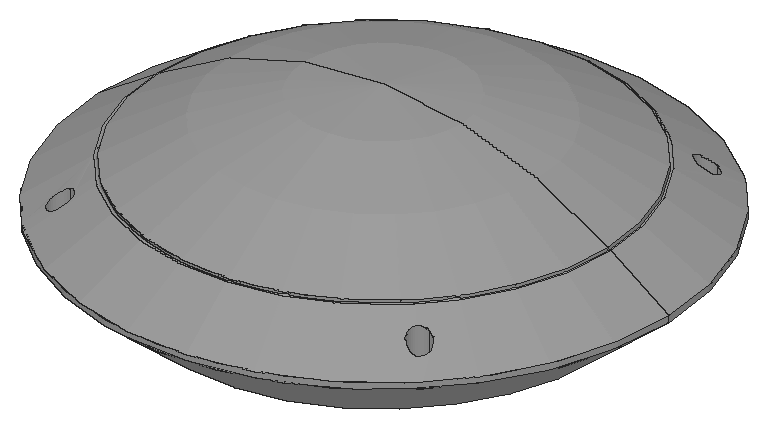
Revit family "0049291", category Lighting Fixtures, host Face, Revit 2017
Family settings
  Host = Face
  Round Connector Dimension = Use Diameter
  Part Type = Normal
  OmniClass Number = 23.80.70.00
  OmniClass Title = Lighting
  Cut with Voids When Loaded = No
  Light Source = Yes
  Shared = No
  Room Calculation Point = No
Parameters (values of type "0049291 START Surface IP66 1100lm 840 SD WHT")
  Weight = "4.68 kg"
  Wattage Comments = ""
  Wattage = 12 W
  WarrantyStartDate [instance] = "n/a"
  WarrantyGuarantorParts = "n/a"
  WarrantyDurationUnit = "n/a"
  WarrantyDurationParts = "n/a"
  WarrantyDescription = "n/a"
  built-in parameter 1150110 = 1 (stored number, unit not read)
  Voltage = 0 V
  URL = "http://www.sylvania-lighting.com"
  TypeName = "START Surface IP66 1100lm 840 IK10 SensorDim WHT"
  Type Image = <None>
  Type Comments = "n/a"
  built-in parameter 1114217 = 1 (stored number, unit not read)
  Tilt Angle = -90.00°
  built-in parameter 1150109 = 1 (stored number, unit not read)
  built-in parameter 1150134 = 12
  built-in parameter 1150113 = 1 (stored number, unit not read)
  SerialNumber [instance] = "n/a"
  Photometric Web File = "0049291.ies"
  Material_3_SYL = LED-Sylvania-StartSurfaceIP66
  PowerFactor = 0
  PowerConsumption = "12 W"
  NominalLength = 300 mm
  NominalHeight = 90 mm
  NominalDepth = 300 mm
  Name = "START Surface IP66 1100lm 840 IK10 SensorDim WHT"
  ModelReference = Name  # "START Surface IP66 1100lm 840 IK10 SensorDim WHT"
  ModelNumber = "0049291"
  Model = Name  # "START Surface IP66 1100lm 840 IK10 SensorDim WHT"
  Material = "pc polycarbonate housing, pc polycarbonate diffuser"
  ManufacturerName = "Feilo Sylvania"
  Manufacturer = "Feilo Sylvania"
  LuminousEfficacy = "92 lm/W"
  built-in parameter 1150105 = 87.854 (stored number, unit not read)
  Lumens = 1104 lm
  LuminaireType = ""
  built-in parameter 1150115 = 1 (stored number, unit not read)
  LightOutputRatio = "n/a"
  built-in parameter 1150137 = (empty or 0)
  built-in parameter 1150139 = (empty or 0)
  LampsType = Lamp  # "LED"
  LampNominalLuminous = "1100 lm"
  LampMacAdamStep = "n/a"
  LampColourTemperature = "4000 K"
  LampColourRenderingIndex = "80"
  built-in parameter 1150112 = 1 (stored number, unit not read)
  built-in parameter 1150114 = 1 (stored number, unit not read)
  Lamp = "LED"
  Keynote = "16500"
  InstallationDate [instance] = "n/a"
  InputVoltage = "220-240 V AC"
  InputNominalFrequency = "50/60 Hz"
  built-in parameter 1150132 = (empty or 0)
  built-in parameter 1150102 = (empty or 0)
  built-in parameter 1150107 = 4000 (stored number, unit not read)
  built-in parameter 1150138 = (empty or 0)
  IngressProtection = "IP66"
  ImpactProtectionIndex = "IK10"
  built-in parameter 1150106 = 0.87854 (stored number, unit not read)
  IfcExportType = "IfcLightFixtureType"
  IfcExportAs = "IfcLightFixtureType"
  HoleRad_SYL = 134 mm
  HoleHoleRad_SYL = 6 mm
  HoleAngle_SYL = 45.00°
  Eyelid_SYL [instance] = no
  ExpectedLife = 50000
  Emit from Circle Diameter = 200 mm
  Emit Shape Visible in Rendering = no
  ElectricShockClassification = "Class II"
  built-in parameter 1150104 = 8.5471 (stored number, unit not read)
  DurationUnit = "hours"
  DocumentationLiterature = "http://www.sylvania-lighting.com/product/en-int/products/0049291"
  DimmingControlOptions = "n/a"
  Material_2_SYL = Diffuser-Sylvania-StartSurfaceIP66
  Dimming Lamp Color Temperature Shift = <None>
  Description = "Sensor Dim LED exterior surface mounted luminaire, 1100lm, 12W power consumption, 92lm/W efficacy, 4000K color temperature, CRI80, IP66, IK10, 50,000 hours (L70), white housing, vandal resistant"
  Default Elevation = 1219.2 mm
  CreatedOn = "7/17/2019"
  CreatedBy = "@sylvania-lighting.com"
  Cost = 0
  Color Filter = 16777215
  built-in parameter 1114216 [instance] = (empty or 0)
  ClassificationValue = "EF_70_80"
  ClassificationName = "Uniclass2015"
  Material_1_SYL = Body-Sylvania-StartSurfaceIP66-White
  BarCode [instance] = "n/a"
  built-in parameter 1114218 = 1 (stored number, unit not read)
  built-in parameter 1150133 = 10 (stored number, unit not read)
  AssetType = "Fixed"
  AssetIdentifier [instance] = "n/a"
  Assembly Code = "D5020200"
  Apparent Load = 12 VA
Reference planes
  plane 1 "Center (Front/Back)": y = 0
  plane 2: z = 0
  plane 3 "Center (Left/Right)": x = 0
  plane 4: x = 150
  plane 5: x = -150
  plane 6: z = 90
  plane 7: z = 30
  plane 8: z = 54
  plane 9: x = -113
  plane 10: x = 113
  plane 11: x = -118
  plane 12: z = 33
  plane 13: z = 51
  plane 14: z = 87
  plane 15: z = 92
  plane 16: x = -148
  plane 17: y = -13
Forms (mm)
  Revolve 1, solid, material "Diffuser-Sylvania-StartSurfaceIP66" <- "Material_2_SYL"
    sketch origin (0, 0, 0) x (1, 0, 0) y (0, 0, 1)
      loop
        arc (0, 90) -> (-61.685, 80.8) -> (-118, 54) r 211.389
        line (-118, 54) -> (-118, 51) -> (-117.081, 51)
        arc (-117.081, 51) -> (-61.245, 77.797) -> (0, 87) r 208.389
        line (0, 87) -> (0, 90)
      axis (0, 90) -> (0, 51)
    angle from 360 to 0
  Revolve 2, solid, material "Body-Sylvania-StartSurfaceIP66-White" <- "Material_1_SYL"
    sketch origin (0, 0, 0) x (1, 0, 0) y (0, 0, 1)
      loop
        line (0, 0) -> (0, 33) -> (-118, 33) -> (-118, 52.116)
        arc (-118, 52.116) -> (-118.529, 53.009) -> (-119.566, 52.973) r 1.017
        line (-119.566, 52.973) -> (-150, 33) -> (-150, 30) -> (-113, 0) -> (0, 0)
      axis (0, 52.973) -> (0, 0)
    angle from 360 to 0
  Extrusion 3, void
    sketch origin (-1534.635, -4572, 33) x (0, -1, 0) y (-1, 0, 0)
      loop
        circle (-4666.752, -1439.882) r 6
      loop
        circle (-4666.752, -1629.387) r 6
      loop
        circle (-4477.248, -1439.882) r 6
      loop
        circle (-4477.248, -1629.387) r 6
    from -18 to 0
  Revolve 4, solid, material "Body-Sylvania-StartSurfaceIP66-White" <- "Material_1_SYL", visible <- "Eyelid_SYL"
    sketch origin (0, 0, 0) x (1, 0, 0) y (0, 0, 1)
      loop
        line (0, 90) -> (0, 92)
        arc (0, 92) -> (-79.423, 77.068) -> (-148, 34.313) r 218.694
        line (-148, 34.313) -> (-118, 54)
        arc (-118, 54) -> (-61.685, 80.8) -> (0, 90) r 211.389
      axis (0, 92) -> (0, 34.313)
    angle from 360 to 0
  Extrusion 5, void
    sketch origin (-1534.635, -4572, 33) x (0, -1, 0) y (-1, 0, 0)
      loop
        line (-4367.393, -1384.635) -> (-4559, -1384.635)
        arc (-4559, -1384.635) -> (-4572, -1534.635) -> (-4559, -1684.635) r 871.885
        line (-4559, -1684.635) -> (-4367.393, -1684.635) -> (-4367.393, -1384.635)
    from -82.978 to 19.568
Cuts and joins
  Extrusion 3 cuts Revolve 2
  Extrusion 3, Extrusion 5 cuts Revolve 4
Lines and regions (mm)
  reference lines
    curve 1: line (-150, 0, 33) -> (-118, 0, 54)
    curve 2: circle (0, 0, 0) r 134 normal (0, 0, 1)
    curve 3: line (0, 0, 0) -> (-94.752, 94.752, 0)
    curve 4: line (0, 0, 0) -> (94.752, 94.752, 0)
    curve 5: line (0, 0, 0) -> (-94.752, -94.752, 0)
    curve 6: line (0, 0, 0) -> (94.752, -94.752, 0)
Dimensions and locks
  locked: plane 6 to plane 2 at 90
  plane 8 to plane 7 to plane 2 = 24 mm locked, 30 mm locked
  equal spacing: plane 4, plane 3 "Center (Left/Right)", plane 5
  locked: plane 4 to plane 5 at 300
  equal spacing: plane 10, plane 3 "Center (Left/Right)", plane 9
  locked: plane 9 to plane 5 at 37
  locked: plane 9 to plane 11 at 5
  locked: plane 12 to plane 7 at 3
  locked: plane 8 to plane 13 at 3
  locked: plane 6 to plane 14 at 3
  locked: plane 15 to plane 6 at 2
  locked: plane 16 to plane 5 at 2
  locked: plane 17 to plane 1 "Center (Front/Back)" at 13
  "HoleRad_SYL": radius of curve 2
  "HoleHoleRad_SYL": radius of Extrusion 3 sketch curve  (x4)
  "HoleAngle_SYL": angle curve 3 to plane 1 "Center (Front/Back)"
  "HoleAngle_SYL": angle plane 1 "Center (Front/Back)" to curve 4
  "HoleAngle_SYL": angle plane 1 "Center (Front/Back)" to curve 5
  "HoleAngle_SYL": angle curve 6 to plane 1 "Center (Front/Back)"
  aligned and locked: plane 2 to host face
  aligned and locked: level to host face
  aligned and locked: plane 5 to curve 1
  aligned and locked: plane 11 to curve 1
  aligned and locked: Revolve 1 sketch curve to plane 3 "Center (Left/Right)"
  aligned and locked: curve 1 to Revolve 1 sketch curve
  aligned and locked: plane 6 to Revolve 1 sketch curve
  aligned and locked: plane 3 "Center (Left/Right)" to Revolve 1 sketch curve  (x2)
  aligned and locked: plane 11 to Revolve 1 sketch curve  (x2)
  aligned and locked: plane 13 to Revolve 1 sketch curve  (x2)
  aligned and locked: plane 14 to Revolve 1 sketch curve
  aligned and locked: Revolve 2 sketch curve to plane 3 "Center (Left/Right)"  (x2)
  aligned and locked: level to Revolve 2 sketch curve
  aligned and locked: plane 5 to Revolve 2 sketch curve
  aligned and locked: Revolve 2 sketch curve to curve 1
  aligned and locked: plane 3 "Center (Left/Right)" to curve 3
  aligned and locked: plane 13 to Extrusion 3
  aligned and locked: Extrusion 3 to plane 12
  aligned and locked: Revolve 2 sketch curve to plane 12
  aligned and locked: Revolve 4 sketch curve to plane 3 "Center (Left/Right)"  (x2)
  aligned and locked: Revolve 1 to Revolve 4 sketch curve
  aligned and locked: Revolve 4 sketch curve to curve 1
  aligned and locked: plane 11 to Revolve 4 sketch curve
  aligned and locked: plane 16 to Revolve 4 sketch curve
  aligned and locked: plane 15 to Revolve 4 sketch curve
  aligned and locked: plane 4 to Extrusion 5
  aligned and locked: Extrusion 5 to plane 5
  aligned and locked: plane 3 "Center (Left/Right)" to imposter light
  aligned and locked: imposter light to plane 1 "Center (Front/Back)"
  aligned and locked: plane 8 to imposter light
Automatic sketch dimensions
  host sketch curve to host sketch curve = 600 mm  (x2)
  curve 1 to plane 8 = 0 mm
  curve 1 to plane 12 = 0 mm
  Revolve 1 sketch curve to Revolve 1 sketch curve = 0 mm
  Revolve 1 sketch curve to Revolve 1 sketch curve = 488.211 mm
  Revolve 1 sketch curve to Revolve 1 sketch curve = 2519.058 mm
  plane 1 "Center (Front/Back)" to curve 2 = 0 mm
  curve 2 to plane 3 "Center (Left/Right)" = 0 mm
  plane 1 "Center (Front/Back)" to curve 4 = 0 mm
  Extrusion 3 sketch curve to plane 10 = 18.248 mm  (x2)
  Extrusion 3 sketch curve to plane 1 "Center (Front/Back)" = 94.752 mm  (x2)
  plane 9 to Extrusion 3 sketch curve = 18.248 mm  (x2)
  plane 1 "Center (Front/Back)" to Extrusion 3 sketch curve = 94.752 mm  (x2)
  Revolve 2 sketch curve to plane 9 = 0 mm
  Revolve 2 sketch curve to plane 7 = 0 mm
  Revolve 2 sketch curve to plane 8 = 1.027 mm
  Revolve 2 sketch curve to Revolve 2 sketch curve = 0.549 mm
  Revolve 2 sketch curve to level = 609.6 mm
  plane 6 to Revolve 2 sketch curve = 2519.058 mm
  Revolve 2 sketch curve to plane 11 = 0 mm
  Revolve 4 sketch curve to plane 6 = 0 mm
  Revolve 4 sketch curve to Revolve 4 sketch curve = 482.906 mm
  Revolve 4 sketch curve to Revolve 4 sketch curve = 2517.058 mm
  Extrusion 5 sketch curve to plane 5 = 0 mm
  Extrusion 5 sketch curve to plane 4 = 0 mm
  plane 17 to Extrusion 5 sketch curve = 191.607 mm
  Extrusion 5 sketch curve to Extrusion 5 sketch curve = 667.277 mm
  plane 17 to Extrusion 5 sketch curve = 0 mm  (x2)
Connectors
  electrical at (0, 0, 0), driven by "Apparent Load", driven by "PowerFactor", driven by "Voltage"
    settings: index 1, voltage 0 V, apparent load 12 VA, apparent load phase1 0 VA, apparent load phase2 0 VA, apparent load phase3 0 VA, power factor 0, load classification "Lighting", number of poles 1, system type 30, power factor state 1, is connector primary yes, connector utility no, sub classification motor no, connector description ""
